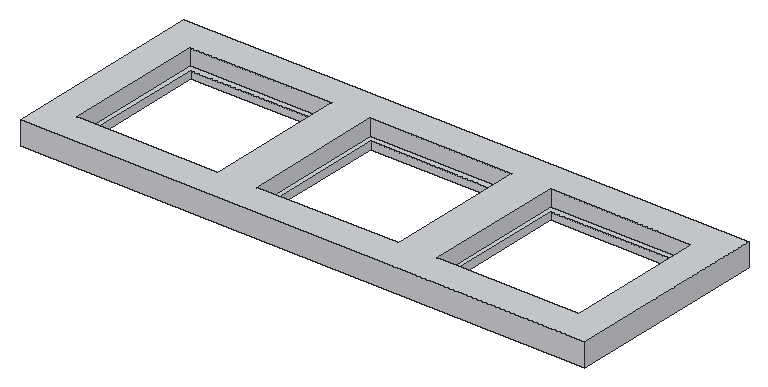
Revit family "Gira_021329", category Electrical Fixtures, host Face, Revit 2017
Family settings
  Host = Face
  Maintain Annotation Orientation = No
  Round Connector Dimension = Use Diameter
  Part Type = Normal
  Cut with Voids When Loaded = No
  Shared = No
  Room Calculation Point = No
Parameters (values of type "Cov.fr. 3-g Gira E2 p.white")
  With hinged lid = "No"
  URL = "http://katalog.gira.de/en/datenblatt.html?artikelnr=021329"
  Type of fastening = "Clamp mounting"
  Transparent = "No"
  Surface protection = "Other"
  Surface finishing = "Glossy"
  Suitable for wall duct = "No"
  Suitable for flush-mounted installation = "Yes"
  Suitable for floor box = "No"
  Suitable for built-in installation = "No"
  RAL-number (akin) = "9010"
  Number of units vertical = "3"
  Number of units horizontal = "3"
  Number of units = "3"
  Name = "Cov.fr. 3-g Gira E2 p.white"
  Mounting direction = "Horizontal and vertical"
  Material quality = "Thermoplastic"
  Material = "Plastic"
  Manufacturer URL = "https://www.gira.de/"
  Manufacturer = "Gira"
  Label space/information surface = "No"
  Keynote = ""
  HeinzeBIM = "https://bimportal.heinze.de/bim/cov-fr-3-g-gira-e2-p-white/3bd480bb1211e11b852f2e67b377849510b84b9a"
  Halogen free = "Yes"
  HAN = "021329"
  GTIN = "4010337213291"
  Description = "Cov.fr.3g E2 PW,Gira E2 cover frame,pure white glossy,3-gang,Features:,- Shatter-proof.,,Notes :,- Also suitable for duct installation.,- In connection with the seal kit, frame (1-gang to 5-gang) is also suitable for installation as water-protected flush-mounted IP44."
  Degree of protection (IP) = "IP21"
  Default Elevation = 1219.2 mm
  Data sheet (1) = "https://katalog.gira.de/en/download.html?artikelnr=021329"
  Colour = "White"
  Category = "Cover frame for domestic switching devices"
  BIM (1) = "https://media.stage.bim.site/public/gira/36a6b08/E2_Rahmen_3fach.rfa"
  Available = "No"
Reference planes
  plane 1 "Center (Front/Back)": y = 0
  plane 2: z = 0
  plane 3 "Center (Left/Right)": x = 0
Forms (mm)
  Extrusion 1, solid, detail levels fine
    sketch origin (0, 0, 0) x (1, 0, 0) y (0, 1, 0)
      loop
        line (111.7, 40.4) -> (-111.7, 40.4) -> (-111.7, -40.4) -> (111.7, -40.4) -> (111.7, 40.4)
      loop
        line (43.248, 28.052) -> (43.248, -28.052) -> (99.352, -28.052) -> (99.352, 28.052) -> (43.248, 28.052)
      loop
        line (-28.052, 28.052) -> (-28.052, -28.052) -> (28.052, -28.052) -> (28.052, 28.052) -> (-28.052, 28.052)
      loop
        line (-99.352, 28.052) -> (-99.352, -28.052) -> (-43.248, -28.052) -> (-43.248, 28.052) -> (-99.352, 28.052)
    from 0 to 9.3
  Extrusion 2, solid, detail levels fine
    sketch origin (-71.2, 0, 0) x (1, 0, 0) y (0, 1, 0)
      loop
        line (-28.152, -28.152) -> (28.152, -28.152) -> (28.152, 28.152) -> (-28.152, 28.152) -> (-28.152, -28.152)
      loop
        line (25.9, -25.7) -> (25.9, 25.7) -> (-25.9, 25.7) -> (-25.9, -25.7) -> (25.9, -25.7)
    from 0 to 3
  Extrusion 3, solid, detail levels coarse+medium
    sketch origin (0, 0, 0) x (1, 0, 0) y (0, 1, 0)
      loop
        line (111.7, 40.4) -> (-111.7, 40.4) -> (-111.7, -40.4) -> (111.7, -40.4) -> (111.7, 40.4)
    from 0 to 9.3
  Extrusion 4, solid, detail levels fine
    sketch origin (0.1, -0.047, 0) x (1, 0, 0) y (0, 1, 0)
      loop
        line (-28.152, -28.106) -> (28.152, -28.106) -> (28.152, 28.199) -> (-28.152, 28.199) -> (-28.152, -28.106)
      loop
        line (25.9, -25.653) -> (25.9, 25.747) -> (-25.9, 25.747) -> (-25.9, -25.653) -> (25.9, -25.653)
    from 0 to 3
  Extrusion 5, solid, detail levels fine
    sketch origin (71.2, -0.047, 0) x (1, 0, 0) y (0, 1, 0)
      loop
        line (-27.952, -28.006) -> (28.152, -28.006) -> (28.152, 28.099) -> (-27.952, 28.099) -> (-27.952, -28.006)
      loop
        line (26, -25.653) -> (26, 25.747) -> (-25.9, 25.747) -> (-25.9, -25.653) -> (26, -25.653)
    from 0 to 3
Dimensions and locks
  aligned and locked: plane 2 to host face
  aligned and locked: level to host face
